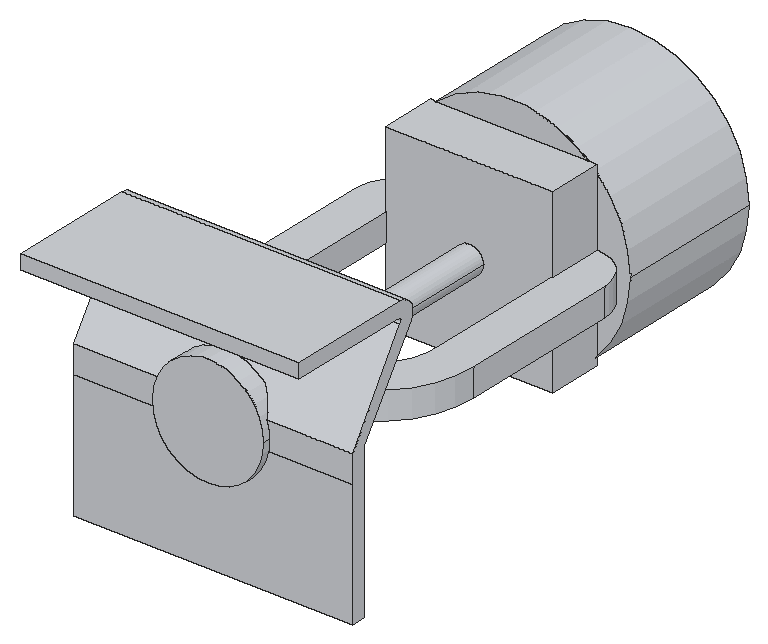
Revit family
Parameters (values of type "RASCO F1FR QREC EC9")
  Temperature Rating = 155 °F
  Response = 1
  RASCO SIN # = "R4862"
  RASCO Part # = "F1FREC91C"
  Pressure Rating = "300 PSI"
  Pressure Class = 1
  Orifice Size = 17/32"
  Orifice = (empty or 0)
  Model = "F1FR"
  Manufacturer = "RASCO"
  K-Factor = 8
  Description = "Chrome Finish"
  Coverage = 1
Reference planes (in)
  plane 1 "Center (Front/Back)": y = 0
  plane 2: z = 0
  plane 3 "Center (Left/Right)": x = 0
Dimensions and locks (in)
  aligned and locked: plane 2 to level
Nested families (in)
  nested 1: "RASCO- F1FREC91C" at (-4.13928, -0.61466, 0), type "RASCO F1FR OREC EC9"
Connectors (in)
  piping at (-4.15164, 0.73459, 1.25584)
    settings: on nested 1, index 1, connector radius 17/32", flow factor 0, pipe flow 0 GPM, pressure drop 0.00 psi, fitting loss kfactor 0, connector angle 0.00°, fixture units 0, flow configuration 0, flow direction 0, fitting loss method 0, system type 7, connector reference index -1, connector utility 0, adjustable connector no, is connector primary yes, fitting loss table "", connector description ""
Definition of nested family "RASCO- F1FREC91C"
  Parameters (values of type "RASCO F1FR OREC EC9")
    Type Comments = ""
    Temperature Rating = 0 °F
    Response = (empty or 0)
    Pressure Rating = "0"
    Pressure Class = (empty or 0)
    Orifice Size = 0"
    Orifice = (empty or 0)
    Model = ""
    Manufacturer = ""
    K-Factor = 0
    Description = ""
    Coverage = (empty or 0)
    Assembly Code = ""
  Reference planes (in)
    plane 1 "Center (Front/Back)": y = 0
    plane 2: z = 0
    plane 3 "ref.2": z = 0.6875
    plane 4 "ref.3": z = 0.9375
    plane 5: x = -0.38065
    plane 6: x = 0.36935
    plane 7 "ref. side 1": y = 0.06402
    plane 8 "ref. side 2": y = -0.06098
    plane 9 "ref.4": z = 1.875
    plane 10 "ref.5": z = 2.3125
    plane 11 "ref.6": z = 2.4375
    plane 12 "center": x = -0.00574
  Forms (in)
    Extrusion 1, solid
      sketch origin (-0.01236, 1.37309, 1.25584) x (-1, 0, 0) y (0, 0, -1)
        loop
          circle (0, 0) r 0.53125
      from 0.02383 to 0.6875
    Extrusion 2, solid
      sketch origin (0.10949, 0.68559, 1.20407) x (-1, 0, 0) y (0, 0, -1)
        loop
          line (-0.2588, 0.356) -> (-0.2588, -0.4565) -> (0.4912, -0.4565) -> (0.4912, 0.356) -> (-0.2588, 0.356)
      from 0 to 0.25
    Extrusion 3, solid
      sketch origin (-0.01236, 1.3722, 1.25584) x (-1, 0, 0) y (0, -1, 0)
        loop
          line (-0.38065, 0.68754) -> (-0.38065, 1.58397)
          arc (-0.38065, 1.58397) -> (-0.29541, 1.78976) -> (-0.08962, 1.875) r 0.29103
          line (-0.08962, 1.875) -> (0.07524, 1.875)
          arc (0.07524, 1.875) -> (0.28321, 1.78886) -> (0.36935, 1.58089) r 0.29411
          line (0.36935, 1.58089) -> (0.36935, 0.68751)
          arc (0.36935, 0.68751) -> (0.50207, 0.74393) -> (0.55685, 0.87734) r 0.18984
          line (0.55685, 0.87734) -> (0.55685, 1.61676)
          arc (0.55685, 1.61676) -> (0.42629, 1.93194) -> (0.11111, 2.0625) r 0.44574
          line (0.11111, 2.0625) -> (-0.12259, 2.0625)
          arc (-0.12259, 2.0625) -> (-0.43765, 1.932) -> (-0.56815, 1.61694) r 0.44556
          line (-0.56815, 1.61694) -> (-0.56815, 0.87876)
          arc (-0.56815, 0.87876) -> (-0.51345, 0.74486) -> (-0.38065, 0.68754) r 0.19126
      from -0.06402 to 0.06098
    Extrusion 4, solid
      sketch origin (-0.01236, 0.43559, 1.25584) x (1, 0, 0) y (0, 0, 1)
        loop
          circle (0.00574, -0.00152) r 0.0625
      from 0 to 0.9375
    Extrusion 5, solid
      sketch origin (-0.01236, -0.50191, 1.25584) x (1, 0, 0) y (0, 0, 1)
        loop
          circle (0.00574, -0.00152) r 0.1875
      from 0 to 0.4375
    Extrusion 6, solid
      sketch origin (-0.01236, -0.89954, 1.2504) x (-1, 0, 0) y (0, 0, 1)
        loop
          circle (-0.00574, -0.00245) r 0.25
      from -0.13498 to -0.03987
    Extrusion 7, solid
      sketch origin (-0.00662, 1.2679, 1.26334) x (0, -1, 0) y (0, 0, 1)
        loop
          line (2.27263, -0.06402) -> (2.27263, 0.06098) -> (2.00466, 0.4658)
          arc (2.00466, 0.4658) -> (2.00382, 0.48409) -> (2.01953, 0.49348) r 0.01783
          line (2.01953, 0.49348) -> (2.57559, 0.49348) -> (2.57559, 0.55848) -> (2.00257, 0.55848)
          arc (2.00257, 0.55848) -> (1.94355, 0.52319) -> (1.9467, 0.4545) r 0.067
          line (1.9467, 0.4545) -> (2.20719, 0.06098) -> (2.20719, -0.62964) -> (2.27263, -0.62964) -> (2.27263, -0.06402)
      from -0.62515 to 0.62904
  Cuts and joins
    joined: Extrusion 1, Extrusion 2, Extrusion 4
